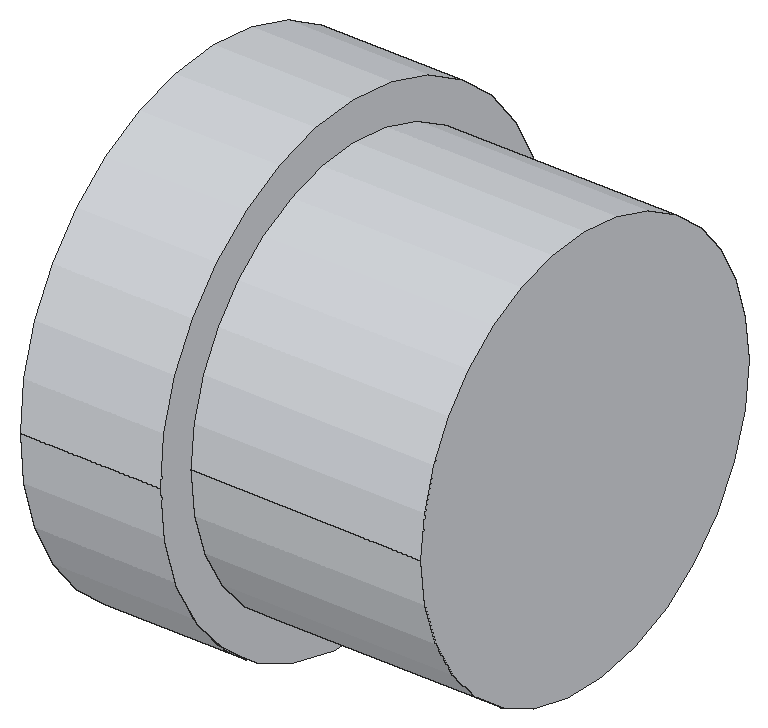
Revit family "M_Cap Flat Top - Threaded - MI - Class 150", category Pipe Fittings, Revit 2014
Parameters (values of type "Standard")
  Nominal Radius [instance] = 3 mm
  Nominal Diameter [instance] = Nominal Radius * 2  # 6 mm
  Metal Thickness [instance] = size_lookup(Lookup Table Name, "MThk", 0.04 * Nominal Diameter + 2.183 mm, Nominal Diameter)  # 2.29 mm
  Lookup Table Name = "M_Cap Flat Top - Threaded - MI - Class 150"
  Height [instance] = size_lookup(Lookup Table Name, "Hgt", 0.34 * Nominal Diameter + 17.462 mm, Nominal Diameter)  # 13.5 mm
  Fitting Outside Radius [instance] = Fitting Outside Diameter / 2  # 7.44 mm
  Fitting Outside Diameter [instance] = Fitting Inside Diameter + Metal Thickness * 2  # 14.88 mm
  Fitting Inside Diameter [instance] = size_lookup(Lookup Table Name, "FID", 1.08 * Nominal Diameter + 5.159 mm, Nominal Diameter)  # 10.3 mm
  Band Width [instance] = size_lookup(Lookup Table Name, "BWid", 0.12 * Nominal Diameter + 4.465 mm, Nominal Diameter)  # 5.1 mm
  Band Outside Radius [instance] = Band Outside Diameter / 2  # 8.8 mm
  Band Outside Diameter [instance] = size_lookup(Lookup Table Name, "BOD", 1.23 * Nominal Diameter + 12.402 mm, Nominal Diameter)  # 17.6 mm
Reference planes
  plane 1 "Center (Front/Back)": y = 0
  plane 2: z = 0
  plane 3 "Center (Left/Right)": x = 0
  plane 4: x = 13.5
  plane 5: x = 5.1
Forms (mm)
  Extrusion 1, solid, detail levels fine
    sketch origin (0, 0, 0) x (0, 1, 0) y (0, 0, 1)
      loop
        circle (0, 0) r 8.8
    from 0 to 5.1
  Extrusion 2, solid, detail levels fine
    sketch origin (0, 0, 0) x (0, 1, 0) y (0, 0, 1)
      loop
        circle (0, 0) r 7.44
    from 5.1 to 13.5
Cuts and joins
  joined: Extrusion 1, Extrusion 2
Lines and regions (mm)
  model lines, detail levels coarse+medium
    curve 1: line (0, 8.8, 0) -> (13.5, 8.8, 0)
    curve 2: line (0, -8.8, 0) -> (13.5, -8.8, 0)
    curve 3: line (13.5, -8.8, 0) -> (13.5, 8.8, 0)
Dimensions and locks
  "Height": plane 3 "Center (Left/Right)" to plane 4
  "Band Width": plane 3 "Center (Left/Right)" to plane 5
  equal spacing: curve 2, plane 1 "Center (Front/Back)", curve 1
  "Band Outside Diameter": curve 2 to curve 1
  equal spacing: curve 3, plane 1 "Center (Front/Back)", curve 3
  "Band Outside Diameter": curve 3 to curve 3
  "Band Outside Radius": radius of Extrusion 1 sketch curve
  "Fitting Outside Radius": radius of Extrusion 2 sketch curve
  aligned and locked: plane 1 "Center (Front/Back)" to Extrusion 1 sketch curve
  aligned and locked: plane 2 to Extrusion 1 sketch curve
  aligned and locked: Extrusion 1 to plane 3 "Center (Left/Right)"
  aligned and locked: plane 5 to Extrusion 1
  aligned and locked: plane 3 "Center (Left/Right)" to curve 2
  aligned and locked: plane 3 "Center (Left/Right)" to curve 1
  aligned and locked: plane 4 to curve 3
  aligned and locked: plane 2 to Extrusion 2 sketch curve
  aligned and locked: plane 1 "Center (Front/Back)" to Extrusion 2 sketch curve
  aligned and locked: Extrusion 2 to plane 5
  aligned and locked: plane 4 to Extrusion 2
Connectors
  piping at (0, 0, 0), diameter 6, driven by "Nominal Radius"
    settings: on cut or joined group of Extrusion 1, Extrusion 2, index 1, connector inside diameter 6 mm, connector length 0 mm, flow factor 0, pipe flow 0.0 L/s, pressure drop 0.0 Pa, fitting loss kfactor 0, connector angle 0.00°, fixture units 0, engagement length 0 mm, angle of deflection 0.00°, flow configuration 0, flow direction 0, fitting loss method 0, system type 28, joint type 0, gender type 0, connector reference index -1, connector utility 0, adjustable connector no, is connector primary yes, connector description ""
